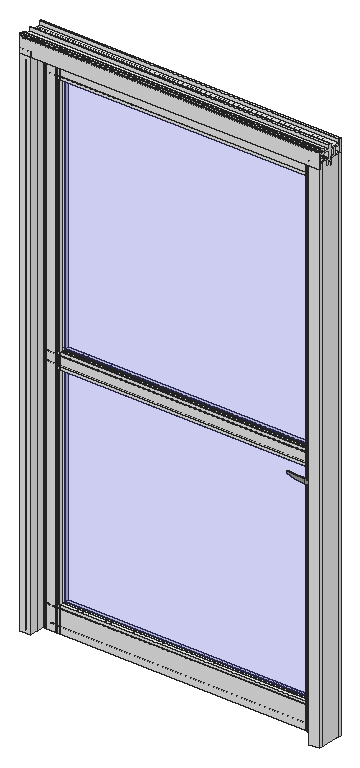
Revit family "Door-Systems_Health-Care_TX9650SR_Single-Right-Hand-Outswing-SORH-Smoke-Rated_Tormax", category Doors, host Wall, Revit 2026
Family settings
  Host = Wall
  Classification Number = 23.30.10.00
  Always vertical = Yes
  Cut with Voids When Loaded = No
  Shared = No
  Room Calculation Point = No
Parameters
  URL = "https://www.tormaxusa.com/en/90/tx9650/"
  Thickness = 0' - 1.75092"
  Specification = "https://www.arcat.com/company/tormax-usa-inc-43969/spec"
  Rough Width = Width + (Thickness * 2)  # 4' - 3.50184"
  Rough Height = Height + 0' 2 3/16"  # 7' - 8 3/16"
  Product Page URL = "https://www.arcat.com/arcatcos/cos43/arc43969.html"
  Model = "TX9650SR"
  Manufacturer = "TORMAX USA Inc."
  Keynote = "08 42 43"
  Handle Height = 3' - 6"
  Handle = Stainless Steel
  Glass = Glass
  Function = Interior
  Frame Projection Ext. = 0' - 1"
  Frame Projection Int. = 0' - 1"
  Frame Width = 0' - 3"
  Height = 7' - 6"
  Wall Closure = By host
  Width = 4' - 0"
  Door Width = 3' - 6"
  Door Frame = Alluminum
  Description = "Tormax Health Care Door System (HCD) - TX9650R Manual Single Outswing Door Operator - Package as Specified"
  Define Thermal Properties by = Schematic Type
  Copyright = "©Arcat Inc."
  CAD Details = "https://www.arcat.com/company/tormax-usa-inc-43969/cad"
  Analytic Construction = "<None>"
Reference planes (in)
  plane 1 "Center (Front/Back)": y = 0
  plane 2 "Center (Left/Right)": x = 0
  plane 3 "Left": x = -24
  plane 4 "Right": x = 24
  plane 5 "Top": z = 90
  plane 6 "Exterior": y = 3
  plane 7 "Interior": y = -3
  plane 8: x = 25.75092
  plane 9: x = -25.75092
  plane 10: z = 92.1875
Forms (in)
  Sweep 1, solid, material "Alluminum" <- "Door Frame"
    path origin (0, 3, 0) x (1, 0, 0) y (0, 0, 1)
      loop
        line (-25.75092, 90) -> (25.75092, 90)
    profile "Head Profile : Head Profile" origin (0, 3, 90) x (0, 0, 1) y (0, -1, 0)
      loop
        line (2.07087, 0.00447) -> (2.07087, 0.07016) -> (2.12147, 0.07016) -> (2.12147, 0.11542) -> (0.13049, 0.11542) -> (0.13049, 1.28332) -> (1.28703, 1.28332) -> (1.28703, 1.96647) -> (1.16941, 1.96647) -> (1.16941, 1.40933) -> (0.13049, 1.40933) -> (0.13049, 2.11742) -> (-0.34046, 2.11742) -> (-0.34046, 2.54333) -> (-0.44964, 2.54333) -> (-0.44964, 2.12523) -> (-1.05347, 2.12523) -> (-1.05347, 2.00594) -> (-0.86973, 2.00594) -> (-0.86973, 2.08776) -> (-0.73733, 2.08776) -> (-0.73733, 2.00594) -> (0.0037, 2.00594) -> (0.0037, 0.00447) -> (2.07087, 0.00447)
      loop
        line (1.89903, 4.5) -> (-0.80074, 4.5) -> (-0.80074, 4.39128) -> (1.71219, 4.39128) -> (1.71219, 4.26217) -> (1.6199, 4.26217)
        arc (1.6199, 4.26217) -> (1.58463, 4.166) -> (1.68682, 4.17308) r 0.06103
        line (1.68682, 4.17308) -> (1.81028, 4.17308)
        arc (1.81028, 4.17308) -> (1.83465, 4.17856) -> (1.85254, 4.19598) r 0.04595
        line (1.85254, 4.19598) -> (1.8994, 4.27716) -> (2.00592, 4.27716) -> (2.00592, 4.41638) -> (1.89903, 4.41638) -> (1.89903, 4.5)
      loop
        line (2.19145, 0) -> (2.19145, 0.25029) -> (1.55712, 0.25029) -> (1.55712, 2.13246) -> (2.18204, 2.13246) -> (2.18204, 2.38356) -> (1.5572, 2.38356) -> (1.5572, 3.50069) -> (1.67788, 3.50069)
        arc (1.67788, 3.50069) -> (2.0468, 3.66107) -> (2.18116, 4.04025) r 0.50449
        line (2.18116, 4.04025) -> (2.18116, 4.2426) -> (2.19145, 4.28099) -> (2.19145, 4.5) -> (1.97839, 4.5) -> (1.97839, 4.46002) -> (2.02062, 4.44841)
        arc (2.02062, 4.44841) -> (2.07942, 4.19256) -> (2.00844, 3.93981) r 0.53091
        line (2.00844, 3.93981) -> (1.89924, 3.75067) -> (1.82248, 3.75067) -> (1.82248, 3.62583) -> (1.55713, 3.62583) -> (1.55713, 4.28268) -> (1.68102, 4.28268) -> (1.68102, 4.34393) -> (1.43147, 4.34393) -> (1.43147, 4.27462) -> (1.30542, 4.27462) -> (1.30542, 4.3746) -> (1.20564, 4.3746) -> (1.20564, 4.17408) -> (1.43147, 4.17408) -> (1.43147, 3.98165) -> (1.27929, 3.98165)
        arc (1.27929, 3.98165) -> (1.22683, 3.95993) -> (1.2051, 3.90747) r 0.07419
        line (1.2051, 3.90747) -> (1.2051, 3.86824) -> (1.24439, 3.84646)
        arc (1.24439, 3.84646) -> (1.41333, 3.80996) -> (1.24376, 3.7765) r 0.08825
        line (1.24376, 3.7765) -> (1.2051, 3.75507) -> (1.2051, 3.71789)
        arc (1.2051, 3.71789) -> (1.22763, 3.66349) -> (1.28202, 3.64096) r 0.07693
        line (1.28202, 3.64096) -> (1.43147, 3.64096) -> (1.43147, 3.03399) -> (1.31918, 3.03399) -> (1.31918, 2.51003) -> (1.03004, 2.51003) -> (1.03004, 2.38356) -> (0.18057, 2.38356) -> (0.18057, 2.48354) -> (0.00134, 2.48354)
        arc (0.00134, 2.48354) -> (-0.16752, 2.6524) -> (0.00134, 2.82126) r 0.16886
        line (0.00134, 2.82126) -> (0.15149, 2.82126) -> (0.15149, 2.93181) -> (-0.14841, 2.93181) -> (-0.14841, 2.88514) -> (-0.80197, 2.88514) -> (-0.80197, 2.75986) -> (-0.32375, 2.75986) -> (-0.32375, 2.13656) -> (1.30744, 2.13656) -> (1.30744, 1.46675) -> (1.43178, 1.46675) -> (1.43178, 0.86509) -> (1.2796, 0.86509)
        arc (1.2796, 0.86509) -> (1.22714, 0.84336) -> (1.20541, 0.7909) r 0.07419
        line (1.20541, 0.7909) -> (1.20541, 0.75167) -> (1.2447, 0.72989)
        arc (1.2447, 0.72989) -> (1.41364, 0.69339) -> (1.24407, 0.65993) r 0.08825
        line (1.24407, 0.65993) -> (1.20541, 0.6385) -> (1.20541, 0.60132)
        arc (1.20541, 0.60132) -> (1.22794, 0.54693) -> (1.28234, 0.5244) r 0.07693
        line (1.28234, 0.5244) -> (1.43178, 0.5244) -> (1.43178, 0.12541) -> (2.13267, 0.12541) -> (2.13267, 0.05811) -> (2.08123, 0.05811) -> (2.08123, 0) -> (2.19145, 0)
  Sweep 2, solid, material "Alluminum" <- "Door Frame"
    path origin (0, 3, 0) x (1, 0, 0) y (0, 0, 1)
      loop
        line (24, 90) -> (24, 0)
    profile "Fram Profile : Fram Profile" origin (24, 3, 45) x (1, 0, 0) y (0, -1, 0)
      loop
        line (0, 2.97205) -> (0, 1.52795) -> (0.05846, 1.52795) -> (0.05846, 1.67877) -> (0.32461, 1.67877) -> (0.32461, 1.74273) -> (0.05846, 1.74273) -> (0.05846, 2.75727) -> (0.32461, 2.75727) -> (0.32461, 2.82123) -> (0.05846, 2.82123) -> (0.05846, 2.97205) -> (0, 2.97205)
      loop
        line (0, 4.5) -> (0, 3.10868) -> (0.25934, 3.10868) -> (0.25934, 2.97205) -> (0.09257, 2.97205) -> (0.09257, 2.90809) -> (0.32461, 2.90809) -> (0.32461, 3.00647) -> (0.86871, 3.00647)
        arc (0.86871, 3.00647) -> (0.94015, 2.97688) -> (0.96975, 2.90544) r 0.10104
        line (0.96975, 2.90544) -> (0.96975, 1.5892)
        arc (0.96975, 1.5892) -> (0.94112, 1.52008) -> (0.872, 1.49145) r 0.09775
        line (0.872, 1.49145) -> (0.32461, 1.49145) -> (0.32461, 1.58409) -> (0.09452, 1.58409) -> (0.09452, 1.52795) -> (0.25934, 1.52795) -> (0.25934, 1.39095) -> (0, 1.39095) -> (0, 0) -> (1.75092, 0) -> (1.75092, 0.44266) -> (1.6377, 0.44266) -> (1.6377, 0.54286)
        arc (1.6377, 0.54286) -> (1.59955, 0.55152) -> (1.56354, 0.53623) r 0.06366
        line (1.56354, 0.53623) -> (1.56354, 0.43192)
        arc (1.56354, 0.43192) -> (1.58102, 0.38055) -> (1.6262, 0.35049) r 0.08425
        line (1.6262, 0.35049) -> (1.6262, 0.12617) -> (0.12648, 0.12617) -> (0.12648, 1.23875)
        arc (0.12648, 1.23875) -> (0.26056, 1.27088) -> (0.35983, 1.36656) r 0.2623
        line (0.35983, 1.36656) -> (0.87958, 1.36656)
        arc (0.87958, 1.36656) -> (1.0318, 1.42961) -> (1.09485, 1.58183) r 0.21527
        line (1.09485, 1.58183) -> (1.09485, 2.91261)
        arc (1.09485, 2.91261) -> (1.03078, 3.06729) -> (0.87611, 3.13136) r 0.21875
        line (0.87611, 3.13136) -> (0.36106, 3.13136)
        arc (0.36106, 3.13136) -> (0.26162, 3.22854) -> (0.12648, 3.26125) r 0.2623
        line (0.12648, 3.26125) -> (0.12648, 4.37383) -> (1.6262, 4.37383) -> (1.6262, 4.14951)
        arc (1.6262, 4.14951) -> (1.58102, 4.11945) -> (1.56354, 4.06808) r 0.08425
        line (1.56354, 4.06808) -> (1.56354, 3.95596)
        arc (1.56354, 3.95596) -> (1.59955, 3.94067) -> (1.6377, 3.94933) r 0.06366
        line (1.6377, 3.94933) -> (1.6377, 4.06515) -> (1.75092, 4.06515) -> (1.75092, 4.5) -> (0, 4.5)
      loop
        line (1.75092, 4.02192) -> (1.67858, 4.02192) -> (1.67858, 3.85504) -> (1.5616, 3.85504) -> (1.5616, 3.9107) -> (1.37397, 3.84241)
        arc (1.37397, 3.84241) -> (1.35263, 3.79664) -> (1.3984, 3.77529) r 0.03571
        line (1.3984, 3.77529) -> (1.52925, 3.82291) -> (1.54815, 3.78738) -> (1.67858, 3.78738) -> (1.67858, 1.69582) -> (1.19678, 1.69582) -> (1.19678, 1.61181) -> (1.67858, 1.61181) -> (1.67858, 0.71262) -> (1.54815, 0.71262) -> (1.52925, 0.67709) -> (1.3984, 0.72471)
        arc (1.3984, 0.72471) -> (1.35263, 0.70336) -> (1.37397, 0.65759) r 0.03571
        line (1.37397, 0.65759) -> (1.5616, 0.5893) -> (1.5616, 0.64496) -> (1.67858, 0.64496) -> (1.67858, 0.48435) -> (1.75092, 0.48435) -> (1.75092, 4.02192)
  Sweep 3, solid, material "Alluminum" <- "Door Frame"
    path origin (0, 3, 0) x (1, 0, 0) y (0, 0, 1)
      loop
        line (-24, 90) -> (-24, 0)
    profile "Fram Profile : Fram Profile" origin (-24, 3, 45) x (1, 0, 0) y (0, -1, 0)
      loop
        line (0, 1.52795) -> (0, 2.97205) -> (-0.05846, 2.97205) -> (-0.05846, 2.82123) -> (-0.32461, 2.82123) -> (-0.32461, 2.75727) -> (-0.05846, 2.75727) -> (-0.05846, 1.74273) -> (-0.32461, 1.74273) -> (-0.32461, 1.67877) -> (-0.05846, 1.67877) -> (-0.05846, 1.52795) -> (0, 1.52795)
      loop
        line (0, 0) -> (0, 1.39132) -> (-0.25934, 1.39132) -> (-0.25934, 1.52795) -> (-0.09257, 1.52795) -> (-0.09257, 1.59191) -> (-0.32461, 1.59191) -> (-0.32461, 1.49353) -> (-0.86871, 1.49353)
        arc (-0.86871, 1.49353) -> (-0.94015, 1.52312) -> (-0.96975, 1.59456) r 0.10104
        line (-0.96975, 1.59456) -> (-0.96975, 2.9108)
        arc (-0.96975, 2.9108) -> (-0.94112, 2.97992) -> (-0.872, 3.00855) r 0.09775
        line (-0.872, 3.00855) -> (-0.32461, 3.00855) -> (-0.32461, 2.91591) -> (-0.09452, 2.91591) -> (-0.09452, 2.97205) -> (-0.25934, 2.97205) -> (-0.25934, 3.10905) -> (0, 3.10905) -> (0, 4.5) -> (-1.75092, 4.5) -> (-1.75092, 4.05734) -> (-1.6377, 4.05734) -> (-1.6377, 3.95714)
        arc (-1.6377, 3.95714) -> (-1.59955, 3.94848) -> (-1.56354, 3.96377) r 0.06366
        line (-1.56354, 3.96377) -> (-1.56354, 4.06808)
        arc (-1.56354, 4.06808) -> (-1.58102, 4.11945) -> (-1.6262, 4.14951) r 0.08425
        line (-1.6262, 4.14951) -> (-1.6262, 4.37383) -> (-0.12648, 4.37383) -> (-0.12648, 3.26125)
        arc (-0.12648, 3.26125) -> (-0.26056, 3.22912) -> (-0.35983, 3.13344) r 0.2623
        line (-0.35983, 3.13344) -> (-0.87958, 3.13344)
        arc (-0.87958, 3.13344) -> (-1.0318, 3.07039) -> (-1.09485, 2.91817) r 0.21527
        line (-1.09485, 2.91817) -> (-1.09485, 1.58739)
        arc (-1.09485, 1.58739) -> (-1.03078, 1.43271) -> (-0.87611, 1.36864) r 0.21875
        line (-0.87611, 1.36864) -> (-0.36106, 1.36864)
        arc (-0.36106, 1.36864) -> (-0.26162, 1.27146) -> (-0.12648, 1.23875) r 0.2623
        line (-0.12648, 1.23875) -> (-0.12648, 0.12617) -> (-1.6262, 0.12617) -> (-1.6262, 0.35049)
        arc (-1.6262, 0.35049) -> (-1.58102, 0.38055) -> (-1.56354, 0.43192) r 0.08425
        line (-1.56354, 0.43192) -> (-1.56354, 0.54404)
        arc (-1.56354, 0.54404) -> (-1.59955, 0.55933) -> (-1.6377, 0.55067) r 0.06366
        line (-1.6377, 0.55067) -> (-1.6377, 0.43485) -> (-1.75092, 0.43485) -> (-1.75092, 0) -> (0, 0)
      loop
        line (-1.75092, 0.47808) -> (-1.67858, 0.47808) -> (-1.67858, 0.64496) -> (-1.5616, 0.64496) -> (-1.5616, 0.5893) -> (-1.37397, 0.65759)
        arc (-1.37397, 0.65759) -> (-1.35263, 0.70336) -> (-1.3984, 0.72471) r 0.03571
        line (-1.3984, 0.72471) -> (-1.52925, 0.67709) -> (-1.54815, 0.71262) -> (-1.67858, 0.71262) -> (-1.67858, 2.80418) -> (-1.19678, 2.80418) -> (-1.19678, 2.88819) -> (-1.67858, 2.88819) -> (-1.67858, 3.78738) -> (-1.54815, 3.78738) -> (-1.52925, 3.82291) -> (-1.3984, 3.77529)
        arc (-1.3984, 3.77529) -> (-1.35263, 3.79664) -> (-1.37397, 3.84241) r 0.03571
        line (-1.37397, 3.84241) -> (-1.5616, 3.9107) -> (-1.5616, 3.85504) -> (-1.67858, 3.85504) -> (-1.67858, 4.01565) -> (-1.75092, 4.01565) -> (-1.75092, 0.47808)
Lines and regions (in)
  Opening 1
    outline origin (-90, -3, 0) x (1, 0, 0) y (0, 0, 1)
      loop
        line (63.99908, 0) -> (116.00092, 0) -> (116.00092, 92.4375) -> (63.99908, 92.4375) -> (63.99908, 0)
  symbolic lines, style "Elevation Swing"
    curve 1: line (24, 3, 0) -> (-24, 3, 45)
    curve 2: line (-24, 3, 45) -> (24, 3, 90)
Text (in)
  text "Exterior" at (-74.96733, 27.31104, 0), in view "Ref. Level"
  text "Interior" at (-74.96733, -25.14366, 0), in view "Ref. Level"
  text "Exterior" at (0, 40.15149, 123.01588), in view "Right"
  text "Interior" at (0, -64.39139, 123.01588), in view "Right"
  text "Interior" at (0, -31.01599, 123.00693), in view "Left"
  text "Exterior" at (0, 54.57065, 123.00693), in view "Left"
Dimensions and locks (in)
  equal spacing: plane 3 "Left", plane 2 "Center (Left/Right)", plane 4 "Right"
  "Height": level to plane 5 "Top"
  "Width": plane 3 "Left" to plane 4 "Right"
  "Thickness": plane 8 to plane 4 "Right"
  "Thickness": plane 9 to plane 3 "Left"
  equal spacing: host wall, curve 2, plane 5 "Top"
  locked: plane 5 "Top" to plane 10 at 2.1875
  locked: plane 8 to Opening 1 sketch curve at 0.25
  locked: Opening 1 sketch curve to plane 9 at 0.25
  locked: plane 10 to Opening 1 sketch curve at 0.25
  aligned and locked: Opening 1 sketch curve to level
  aligned and locked: plane 6 "Exterior" to host wall
  aligned and locked: plane 7 "Interior" to host wall
  aligned and locked: plane 5 "Top" to Sweep 1 sketch curve
  aligned and locked: plane 4 "Right" to Sweep 2 sketch curve
  aligned and locked: plane 5 "Top" to Sweep 2 sketch curve
  aligned and locked: level to Sweep 2 sketch curve
  aligned and locked: plane 5 "Top" to Sweep 3 sketch curve
  aligned and locked: level to Sweep 3 sketch curve
  aligned and locked: plane 8 to Sweep 1 sketch curve
  aligned and locked: plane 9 to Sweep 1 sketch curve
  aligned and locked: plane 5 "Top" to curve 2
  aligned and locked: plane 4 "Right" to nested 1
  aligned and locked: plane 6 "Exterior" to nested 2
  aligned and locked: nested 1 to plane 6 "Exterior"
Automatic sketch dimensions
  plane 4 "Right" to curve 2 = 0' - 0"
  curve 1 to level = 0' - 0"
  plane 4 "Right" to curve 1 = 0' - 0"
  plane 3 "Left" to curve 2 = 0' - 0"
  plane 3 "Left" to Sweep 3 sketch curve = 0' - 0"
Nested families (in)
  nested 1: "Tormax-Door_Swing-Plan" at (0, 3, 0) x (-1, 0, 0) z (0, 0, 1), Door Panel Width <- "Width", type "Tormax-Door_Swing-Plan"
    with breakoutswing yes, Door Panel Width 4' - 0", Door Panel Thickness 0' - 1 3/4", Breakout Angle 135.00°
  nested 2: "Door-1" at (0, 2.09301, 0) x (-1, 0, 0) z (0, 0, 1), type "Door-1"
    with Width 4' - 0", Height 7' - 6", Handle Height 3' - 6"
Definition of nested family "Door-1"
  Parameters (values of type "Door-1")
    Width = 3' - 6"
    Height = 8' - 0"
    Handle Height = 4' - 0"
    Handle = none
    Glass = none
    Door Frame = none
    Define Thermal Properties by = 1
    Default Elevation = 0' - 0"
  Reference planes (in)
    plane 1 "Center (Front/Back)": y = 0
    plane 2: z = 0
    plane 3 "Center (Left/Right)": x = 0
    plane 4: x = -21
    plane 5: x = 21
    plane 6: z = 96
    plane 7: z = 48
    plane 8: y = 0.06557
    plane 9: y = -0.06557
    plane 10: x = -19.65625
    plane 11: y = -0.90699
    plane 12: y = 0.90699
  Forms (in)
    Sweep 1, solid, material <- "Door Frame"
      path origin (0, 0, 0) x (1, 0, 0) y (0, 0, 1)
        loop
          line (-20.64876, 0) -> (20.65649, 0)
      profile "Door Fram Profile : Door Fram Profile" origin (0.00387, 0, 0) x (0, 0, 1) y (0, -1, 0)
        loop
          line (4.41471, -0.33919) -> (4.41471, -0.29367) -> (4.36245, -0.29367) -> (4.36245, -0.19109) -> (4.54427, -0.19109) -> (4.59558, -0.09459) -> (4.57047, -0.06948) -> (4.51849, -0.12146) -> (4.3093, -0.12146) -> (4.3093, -0.29367) -> (4.25415, -0.29367) -> (4.25415, -0.33919) -> (4.41471, -0.33919)
        loop
          line (4.41471, 0.33919) -> (4.25415, 0.33919) -> (4.25415, 0.29367) -> (4.3093, 0.29367) -> (4.3093, 0.12146) -> (4.51849, 0.12146) -> (4.57047, 0.06948) -> (4.59558, 0.09459) -> (4.54427, 0.19109) -> (4.36245, 0.19109) -> (4.36245, 0.29367) -> (4.41471, 0.29367) -> (4.41471, 0.33919)
        loop
          line (4.01556, -0.87557) -> (4.49959, -0.87557) -> (4.49959, -0.22518) -> (4.40799, -0.22518) -> (4.40799, -0.26587) -> (4.44525, -0.26587) -> (4.44525, -0.36935) -> (4.23455, -0.36935) -> (4.23455, -0.24243) -> (4.27523, -0.24243) -> (4.27523, -0.20174) -> (4.05907, -0.20174) -> (4.05907, -0.24243) -> (4.19511, -0.24243) -> (4.19511, -0.41894) -> (4.44993, -0.41894) -> (4.44993, -0.8251) -> (4.11541, -0.8251) -> (4.11541, -0.74154) -> (4.05724, -0.74154) -> (4.05724, -0.67346) -> (4.01556, -0.67346) -> (4.01556, -0.87557)
        loop
          line (4.02398, 0.87557) -> (4.02398, 0.72447) -> (3.88809, 0.72447) -> (3.88809, 0.66019) -> (4.08412, 0.66019) -> (4.08412, 0.8251) -> (4.44993, 0.8251) -> (4.44993, 0.41894) -> (4.18554, 0.41894) -> (4.18554, 0.26011) -> (3.97508, 0.26011) -> (3.97508, 0.1901) -> (3.88809, 0.1901) -> (3.88809, 0.13997) -> (3.98741, 0.13997) -> (3.98741, -0.13216) -> (3.88809, -0.13216) -> (3.88809, -0.18229) -> (3.98741, -0.18229) -> (3.98741, -0.3261) -> (4.07974, -0.3261) -> (4.07974, -0.49104) -> (3.95546, -0.61533) -> (3.86626, -0.61533) -> (3.86626, -0.7053)
          arc (3.86626, -0.7053) -> (3.88882, -0.72786) -> (3.91138, -0.7053) r 0.02256
          line (3.91138, -0.7053) -> (3.91138, -0.66662) -> (3.98459, -0.66662) -> (4.12991, -0.5213) -> (4.12991, -0.26303) -> (4.03808, -0.26303) -> (4.03808, -0.18229) -> (4.12503, -0.18229) -> (4.12503, -0.13216) -> (4.0285, -0.13216) -> (4.0285, 0.13997) -> (4.12503, 0.13997) -> (4.12503, 0.21022) -> (4.27812, 0.21022) -> (4.27812, 0.26011) -> (4.23544, 0.26011) -> (4.23544, 0.36935) -> (4.44505, 0.36935) -> (4.44505, 0.26011) -> (4.41012, 0.26011) -> (4.41012, 0.21022) -> (4.49989, 0.21022) -> (4.49989, 0.87557) -> (4.02398, 0.87557)
        loop
          line (1.687, 0.71921) -> (1.687, -0.71921) -> (1.919, -0.71921) -> (1.919, -0.75004) -> (2.40505, -0.75004) -> (2.40505, -0.7192) -> (2.63746, -0.7192) -> (2.63746, -0.59396) -> (2.76949, -0.59396) -> (2.76949, -0.7192) -> (3.03458, -0.7192) -> (3.03458, -0.75004) -> (3.45054, -0.75004) -> (3.45054, -0.71192) -> (3.68724, -0.71192) -> (3.68724, 0.71192) -> (3.45054, 0.71192) -> (3.45054, 0.75004) -> (3.03458, 0.75004) -> (3.03458, 0.7192) -> (2.76949, 0.7192) -> (2.76949, 0.59396) -> (2.63746, 0.59396) -> (2.63746, 0.7192) -> (2.40505, 0.7192) -> (2.40505, 0.75004) -> (1.919, 0.75004) -> (1.919, 0.71921) -> (1.687, 0.71921)
        loop
          line (3.96671, 0.87557) -> (0.03125, 0.87557) -> (0.03125, 0.75004) -> (0.7701, 0.75004) -> (0.7701, 0.52564) -> (0.24797, 0.52564)
          arc (0.24797, 0.52564) -> (0.19813, 0.4758) -> (0.24797, 0.42596) r 0.04984
          line (0.24797, 0.42596) -> (0.90849, 0.42596) -> (1.09559, 0.75004) -> (1.56165, 0.75004) -> (1.56165, -0.75004) -> (0.03125, -0.75004) -> (0.03125, -0.87557) -> (3.96671, -0.87557) -> (3.96671, -0.76566) -> (3.81135, -0.76566) -> (3.81135, 0.76566) -> (3.96671, 0.76566) -> (3.96671, 0.87557)
    Sweep 2, solid, material <- "Door Frame"
      path origin (0, 0, 0) x (1, 0, 0) y (0, 0, 1)
        loop
          line (-20.64876, 96) -> (20.65876, 96)
      profile "Door Fram Profile : Door Fram Profile" origin (0.005, 0, 96) x (0, 0, 1) y (0, -1, 0)
        loop
          line (-4.41471, 0.33919) -> (-4.41471, 0.29367) -> (-4.36245, 0.29367) -> (-4.36245, 0.19109) -> (-4.54427, 0.19109) -> (-4.59558, 0.09459) -> (-4.57047, 0.06948) -> (-4.51849, 0.12146) -> (-4.3093, 0.12146) -> (-4.3093, 0.29367) -> (-4.25415, 0.29367) -> (-4.25415, 0.33919) -> (-4.41471, 0.33919)
        loop
          line (-4.41471, -0.33919) -> (-4.25415, -0.33919) -> (-4.25415, -0.29367) -> (-4.3093, -0.29367) -> (-4.3093, -0.12146) -> (-4.51849, -0.12146) -> (-4.57047, -0.06948) -> (-4.59558, -0.09459) -> (-4.54427, -0.19109) -> (-4.36245, -0.19109) -> (-4.36245, -0.29367) -> (-4.41471, -0.29367) -> (-4.41471, -0.33919)
        loop
          line (-4.01556, 0.87557) -> (-4.49959, 0.87557) -> (-4.49959, 0.22518) -> (-4.40799, 0.22518) -> (-4.40799, 0.26587) -> (-4.44525, 0.26587) -> (-4.44525, 0.36935) -> (-4.23455, 0.36935) -> (-4.23455, 0.24243) -> (-4.27523, 0.24243) -> (-4.27523, 0.20174) -> (-4.05907, 0.20174) -> (-4.05907, 0.24243) -> (-4.19511, 0.24243) -> (-4.19511, 0.41894) -> (-4.44993, 0.41894) -> (-4.44993, 0.8251) -> (-4.11541, 0.8251) -> (-4.11541, 0.74154) -> (-4.05724, 0.74154) -> (-4.05724, 0.67346) -> (-4.01556, 0.67346) -> (-4.01556, 0.87557)
        loop
          line (-4.02398, -0.87557) -> (-4.02398, -0.72447) -> (-3.88809, -0.72447) -> (-3.88809, -0.66019) -> (-4.08412, -0.66019) -> (-4.08412, -0.8251) -> (-4.44993, -0.8251) -> (-4.44993, -0.41894) -> (-4.18554, -0.41894) -> (-4.18554, -0.26011) -> (-3.97508, -0.26011) -> (-3.97508, -0.1901) -> (-3.88809, -0.1901) -> (-3.88809, -0.13997) -> (-3.98741, -0.13997) -> (-3.98741, 0.13216) -> (-3.88809, 0.13216) -> (-3.88809, 0.18229) -> (-3.98741, 0.18229) -> (-3.98741, 0.3261) -> (-4.07974, 0.3261) -> (-4.07974, 0.49104) -> (-3.95546, 0.61533) -> (-3.86626, 0.61533) -> (-3.86626, 0.7053)
          arc (-3.86626, 0.7053) -> (-3.88882, 0.72786) -> (-3.91138, 0.7053) r 0.02256
          line (-3.91138, 0.7053) -> (-3.91138, 0.66662) -> (-3.98459, 0.66662) -> (-4.12991, 0.5213) -> (-4.12991, 0.26303) -> (-4.03808, 0.26303) -> (-4.03808, 0.18229) -> (-4.12503, 0.18229) -> (-4.12503, 0.13216) -> (-4.0285, 0.13216) -> (-4.0285, -0.13997) -> (-4.12503, -0.13997) -> (-4.12503, -0.21022) -> (-4.27812, -0.21022) -> (-4.27812, -0.26011) -> (-4.23544, -0.26011) -> (-4.23544, -0.36935) -> (-4.44505, -0.36935) -> (-4.44505, -0.26011) -> (-4.41012, -0.26011) -> (-4.41012, -0.21022) -> (-4.49989, -0.21022) -> (-4.49989, -0.87557) -> (-4.02398, -0.87557)
        loop
          line (-1.687, -0.71921) -> (-1.687, 0.71921) -> (-1.919, 0.71921) -> (-1.919, 0.75004) -> (-2.40505, 0.75004) -> (-2.40505, 0.7192) -> (-2.63746, 0.7192) -> (-2.63746, 0.59396) -> (-2.76949, 0.59396) -> (-2.76949, 0.7192) -> (-3.03458, 0.7192) -> (-3.03458, 0.75004) -> (-3.45054, 0.75004) -> (-3.45054, 0.71192) -> (-3.68724, 0.71192) -> (-3.68724, -0.71192) -> (-3.45054, -0.71192) -> (-3.45054, -0.75004) -> (-3.03458, -0.75004) -> (-3.03458, -0.7192) -> (-2.76949, -0.7192) -> (-2.76949, -0.59396) -> (-2.63746, -0.59396) -> (-2.63746, -0.7192) -> (-2.40505, -0.7192) -> (-2.40505, -0.75004) -> (-1.919, -0.75004) -> (-1.919, -0.71921) -> (-1.687, -0.71921)
        loop
          line (-3.96671, -0.87557) -> (-0.03125, -0.87557) -> (-0.03125, -0.75004) -> (-0.7701, -0.75004) -> (-0.7701, -0.52564) -> (-0.24797, -0.52564)
          arc (-0.24797, -0.52564) -> (-0.19813, -0.4758) -> (-0.24797, -0.42596) r 0.04984
          line (-0.24797, -0.42596) -> (-0.90849, -0.42596) -> (-1.09559, -0.75004) -> (-1.56165, -0.75004) -> (-1.56165, 0.75004) -> (-0.03125, 0.75004) -> (-0.03125, 0.87557) -> (-3.96671, 0.87557) -> (-3.96671, 0.76566) -> (-3.81135, 0.76566) -> (-3.81135, -0.76566) -> (-3.96671, -0.76566) -> (-3.96671, -0.87557)
    Sweep 3, solid, material <- "Door Frame"
      path origin (0, 0, 0) x (1, 0, 0) y (0, 0, 1)
        loop
          line (-20.64876, 48) -> (20.65876, 48)
      profile "Door Fram Central  Profile : Door Fram Central  Profile" origin (0.005, 0, 48) x (0, 0, 1) y (0, -1, 0)
        loop
          line (0.64051, 0.51895) -> (0.42826, 0.51895) -> (0.42826, 0.72056) -> (0.1755, 0.72056) -> (0.1755, 0.76165) -> (-0.26534, 0.76165) -> (-0.26534, 0.72056) -> (-0.52214, 0.72056) -> (-0.52214, -0.72056) -> (-0.26534, -0.72056) -> (-0.26534, -0.76165) -> (0.1755, -0.76165) -> (0.1755, -0.72056) -> (0.42826, -0.72056) -> (0.42826, -0.51895) -> (0.64051, -0.51895) -> (0.64051, 0.51895)
        loop
          line (0.92183, 0.87166) -> (-0.78121, 0.87166) -> (-0.78121, 0.76165) -> (-0.64733, 0.76165) -> (-0.64733, -0.76165) -> (-0.78121, -0.76165) -> (-0.78121, -0.87166) -> (0.92183, -0.87166) -> (0.92183, -0.76165) -> (0.7909, -0.76165) -> (0.7909, 0.76165) -> (0.92183, 0.76165) -> (0.92183, 0.87166)
        loop
          line (-1.22085, -0.3431) -> (-1.06028, -0.3431) -> (-1.06028, -0.29757) -> (-1.11543, -0.29757) -> (-1.11543, -0.12536) -> (-1.32462, -0.12536) -> (-1.37661, -0.07338) -> (-1.40171, -0.09849) -> (-1.3504, -0.195) -> (-1.16859, -0.195) -> (-1.16859, -0.29757) -> (-1.22085, -0.29757) -> (-1.22085, -0.3431)
        loop
          line (-1.22085, 0.33529) -> (-1.22085, 0.28976) -> (-1.16859, 0.28976) -> (-1.16859, 0.18718) -> (-1.3504, 0.18718) -> (-1.40171, 0.09068) -> (-1.37661, 0.06557) -> (-1.32462, 0.11755) -> (-1.11543, 0.11755) -> (-1.11543, 0.28976) -> (-1.06028, 0.28976) -> (-1.06028, 0.33529) -> (-1.22085, 0.33529)
        loop
          line (-0.82169, -0.87948) -> (-0.82169, -0.67736) -> (-0.86337, -0.67736) -> (-0.86337, -0.74544) -> (-0.92154, -0.74544) -> (-0.92154, -0.82901) -> (-1.25606, -0.82901) -> (-1.25606, -0.42284) -> (-1.00124, -0.42284) -> (-1.00124, -0.24634) -> (-0.8652, -0.24634) -> (-0.8652, -0.20564) -> (-1.08136, -0.20564) -> (-1.08136, -0.24634) -> (-1.04068, -0.24634) -> (-1.04068, -0.37326) -> (-1.25138, -0.37326) -> (-1.25138, -0.26978) -> (-1.21412, -0.26978) -> (-1.21412, -0.22908) -> (-1.30572, -0.22908) -> (-1.30572, -0.87948) -> (-0.82169, -0.87948)
        loop
          line (-0.83011, 0.87166) -> (-1.30603, 0.87166) -> (-1.30603, 0.20631) -> (-1.21625, 0.20631) -> (-1.21625, 0.2562) -> (-1.25118, 0.2562) -> (-1.25118, 0.36545) -> (-1.04157, 0.36545) -> (-1.04157, 0.2562) -> (-1.08425, 0.2562) -> (-1.08425, 0.20631) -> (-0.93116, 0.20631) -> (-0.93116, 0.13607) -> (-0.83464, 0.13607) -> (-0.83464, -0.13607) -> (-0.93116, -0.13607) -> (-0.93116, -0.18619) -> (-0.84421, -0.18619) -> (-0.84421, -0.26694) -> (-0.93604, -0.26694) -> (-0.93604, -0.52521) -> (-0.79072, -0.67053) -> (-0.71751, -0.67053) -> (-0.71751, -0.70921)
          arc (-0.71751, -0.70921) -> (-0.69495, -0.73177) -> (-0.6724, -0.70921) r 0.02256
          line (-0.6724, -0.70921) -> (-0.6724, -0.61923) -> (-0.76159, -0.61923) -> (-0.88587, -0.49495) -> (-0.88587, -0.33001) -> (-0.79354, -0.33001) -> (-0.79354, -0.18619) -> (-0.69423, -0.18619) -> (-0.69423, -0.13607) -> (-0.79354, -0.13607) -> (-0.79354, 0.13607) -> (-0.69423, 0.13607) -> (-0.69423, 0.18619) -> (-0.78121, 0.18619) -> (-0.78121, 0.2562) -> (-0.99167, 0.2562) -> (-0.99167, 0.41503) -> (-1.25606, 0.41503) -> (-1.25606, 0.8212) -> (-0.89025, 0.8212) -> (-0.89025, 0.65629) -> (-0.69423, 0.65629) -> (-0.69423, 0.72056) -> (-0.83011, 0.72056) -> (-0.83011, 0.87166)
        loop
          line (1.36147, -0.3431) -> (1.36147, -0.29757) -> (1.30921, -0.29757) -> (1.30921, -0.195) -> (1.49103, -0.195) -> (1.54234, -0.09849) -> (1.51723, -0.07338) -> (1.46525, -0.12536) -> (1.25606, -0.12536) -> (1.25606, -0.29757) -> (1.2009, -0.29757) -> (1.2009, -0.3431) -> (1.36147, -0.3431)
        loop
          line (1.36147, 0.33529) -> (1.2009, 0.33529) -> (1.2009, 0.28976) -> (1.25606, 0.28976) -> (1.25606, 0.11755) -> (1.46525, 0.11755) -> (1.51723, 0.06557) -> (1.54234, 0.09068) -> (1.49103, 0.18718) -> (1.30921, 0.18718) -> (1.30921, 0.28976) -> (1.36147, 0.28976) -> (1.36147, 0.33529)
        loop
          line (0.96232, -0.87948) -> (1.44635, -0.87948) -> (1.44635, -0.22908) -> (1.35475, -0.22908) -> (1.35475, -0.26978) -> (1.39201, -0.26978) -> (1.39201, -0.37326) -> (1.1813, -0.37326) -> (1.1813, -0.24634) -> (1.22199, -0.24634) -> (1.22199, -0.20564) -> (1.00583, -0.20564) -> (1.00583, -0.24634) -> (1.14186, -0.24634) -> (1.14186, -0.42284) -> (1.39669, -0.42284) -> (1.39669, -0.82901) -> (1.06217, -0.82901) -> (1.06217, -0.74544) -> (1.004, -0.74544) -> (1.004, -0.67736) -> (0.96232, -0.67736) -> (0.96232, -0.87948)
        loop
          line (0.97074, 0.87166) -> (0.97074, 0.72056) -> (0.83485, 0.72056) -> (0.83485, 0.65629) -> (1.03088, 0.65629) -> (1.03088, 0.8212) -> (1.39669, 0.8212) -> (1.39669, 0.41503) -> (1.1323, 0.41503) -> (1.1323, 0.2562) -> (0.92183, 0.2562) -> (0.92183, 0.18619) -> (0.83485, 0.18619) -> (0.83485, 0.13607) -> (0.93417, 0.13607) -> (0.93417, -0.13607) -> (0.83485, -0.13607) -> (0.83485, -0.18619) -> (0.93417, -0.18619) -> (0.93417, -0.33001) -> (1.0265, -0.33001) -> (1.0265, -0.49495) -> (0.90222, -0.61923) -> (0.81302, -0.61923) -> (0.81302, -0.70921)
          arc (0.81302, -0.70921) -> (0.83558, -0.73177) -> (0.85814, -0.70921) r 0.02256
          line (0.85814, -0.70921) -> (0.85814, -0.67053) -> (0.93135, -0.67053) -> (1.07667, -0.52521) -> (1.07667, -0.26694) -> (0.98484, -0.26694) -> (0.98484, -0.18619) -> (1.07179, -0.18619) -> (1.07179, -0.13607) -> (0.97526, -0.13607) -> (0.97526, 0.13607) -> (1.07179, 0.13607) -> (1.07179, 0.20631) -> (1.22488, 0.20631) -> (1.22488, 0.2562) -> (1.1822, 0.2562) -> (1.1822, 0.36545) -> (1.39181, 0.36545) -> (1.39181, 0.2562) -> (1.35688, 0.2562) -> (1.35688, 0.20631) -> (1.44665, 0.20631) -> (1.44665, 0.87166) -> (0.97074, 0.87166)
    Sweep 4, solid, material <- "Door Frame"
      path origin (0, 0, 0) x (1, 0, 0) y (0, 0, 1)
        loop
          line (-21, 96) -> (-21, 0)
      profile "TX9650SR-1 : TX9650SR-1" origin (-21, 0, 48) x (1, 0, 0) y (0, -1, 0)
        loop
          line (0.33438, 0.17267) -> (0.2756, 0.17267) -> (0.2756, 0.0829) -> (0.15479, 0.0835)
          arc (0.15479, 0.0835) -> (0.15277, 0.13388) -> (0.15191, 0.18429) r 2.17435
          line (0.15191, 0.18429) -> (0.11299, 0.18429)
          arc (0.11299, 0.18429) -> (0.11465, 0.10897) -> (0.11891, 0.03374) r 2.17435
          line (0.11891, 0.03374) -> (0.2756, 0.03374) -> (0.2756, -0.03876) -> (0.12474, -0.03876)
          arc (0.12474, -0.03876) -> (0.12747, -0.06102) -> (0.13043, -0.08325) r 2.17435
          line (0.13043, -0.08325) -> (0.09804, -0.10327) -> (-0.04978, 0.04456)
          arc (-0.04978, 0.04456) -> (-0.06991, 0.08738) -> (-0.0581, 0.13319) r 0.06977
          line (-0.0581, 0.13319) -> (-0.08038, 0.15492)
          arc (-0.08038, 0.15492) -> (-0.1093, 0.08519) -> (-0.08107, 0.01518) r 0.09969
          line (-0.08107, 0.01518) -> (0.1201, -0.18598) -> (0.18038, -0.15507)
          arc (0.18038, -0.15507) -> (0.1756, -0.12443) -> (0.17125, -0.09372) r 2.17435
          line (0.17125, -0.09372) -> (0.2756, -0.09372) -> (0.2756, -0.17362) -> (0.33438, -0.17362) -> (0.33438, 0.17267)
        loop
          line (2.05007, -0.79295) -> (2.05007, 0.79295) -> (0.44038, 0.79295) -> (0.35834, 0.38905) -> (0.45477, 0.38905) -> (0.45477, -0.38905) -> (0.35834, -0.38905) -> (0.44038, -0.79295) -> (2.05007, -0.79295)
        loop
          line (2.3334, -0.90699) -> (2.3334, -0.79295) -> (2.17418, -0.79295) -> (2.17418, 0.79295) -> (2.3334, 0.79295) -> (2.3334, 0.90699) -> (0.35351, 0.90699)
          arc (0.35351, 0.90699) -> (0.26132, 0.55452) -> (0.22283, 0.19223) r 2.43197
          line (0.22283, 0.19223) -> (0.35124, 0.19223) -> (0.35124, -0.19223) -> (0.22283, -0.19223)
          arc (0.22283, -0.19223) -> (0.26132, -0.55452) -> (0.35351, -0.90699) r 2.43197
          line (0.35351, -0.90699) -> (2.3334, -0.90699)
        loop
          line (2.73836, 0.3431) -> (2.57779, 0.3431) -> (2.57779, 0.29757) -> (2.63686, 0.29757) -> (2.63686, 0.12536) -> (2.84995, 0.12536) -> (2.90193, 0.07338) -> (2.92704, 0.09849) -> (2.88404, 0.17937) -> (2.69001, 0.17937) -> (2.69001, 0.29757) -> (2.73836, 0.29757) -> (2.73836, 0.3431)
        loop
          line (2.73836, -0.33529) -> (2.73836, -0.28976) -> (2.6861, -0.28976) -> (2.6861, -0.17156) -> (2.88404, -0.17156) -> (2.92704, -0.09068) -> (2.90193, -0.06557) -> (2.84995, -0.11755) -> (2.63295, -0.11755) -> (2.63295, -0.28976) -> (2.57779, -0.28976) -> (2.57779, -0.33529) -> (2.73836, -0.33529)
        loop
          line (2.37046, 0.87948) -> (2.37046, 0.71) -> (2.26694, 0.71) -> (2.26694, 0.66369) -> (2.41214, 0.66369) -> (2.41214, 0.82901) -> (2.78139, 0.82901) -> (2.78139, 0.42284) -> (2.49356, 0.42284) -> (2.49356, 0.26294) -> (2.30324, 0.26294) -> (2.30324, 0.194) -> (2.21955, 0.194) -> (2.21955, 0.14388) -> (2.30324, 0.14388) -> (2.30324, -0.12044) -> (2.20393, -0.12044) -> (2.20393, -0.17057) -> (2.30324, -0.17057) -> (2.30324, -0.34059) -> (2.41107, -0.34059) -> (2.41107, -0.61197) -> (2.22047, -0.61197) -> (2.22047, -0.74029) -> (2.26192, -0.74029) -> (2.26192, -0.66175) -> (2.46137, -0.66175) -> (2.46137, -0.28771) -> (2.35355, -0.28771) -> (2.35355, -0.17057) -> (2.44087, -0.17057) -> (2.44087, -0.12044) -> (2.34434, -0.12044) -> (2.34434, 0.14388) -> (2.44087, 0.14388) -> (2.44087, 0.21346) -> (2.59887, 0.21346) -> (2.59887, 0.26197) -> (2.54346, 0.26197) -> (2.54346, 0.37326) -> (2.77671, 0.37326) -> (2.77671, 0.26978) -> (2.73945, 0.26978) -> (2.73945, 0.22908) -> (2.83105, 0.22908) -> (2.83105, 0.87948) -> (2.37046, 0.87948)
        loop
          line (2.37106, -0.87166) -> (2.83135, -0.87166) -> (2.83135, -0.21412) -> (2.74158, -0.21412) -> (2.74158, -0.26401) -> (2.77651, -0.26401) -> (2.77651, -0.36545) -> (2.54346, -0.36545) -> (2.54346, -0.24804) -> (2.60177, -0.24804) -> (2.60177, -0.20241) -> (2.40947, -0.20241) -> (2.40947, -0.24804) -> (2.49356, -0.24804) -> (2.49356, -0.41503) -> (2.78139, -0.41503) -> (2.78139, -0.8212) -> (2.41141, -0.8212) -> (2.41141, -0.68736) -> (2.37106, -0.68736) -> (2.37106, -0.87166)
    Sweep 5, solid, material <- "Door Frame"
      path origin (0, 0, 0) x (1, 0, 0) y (0, 0, 1)
        loop
          line (21, 96) -> (21, 0)
      profile "TX9650SR : TX9650SR" origin (21, 0, 48) x (1, 0, 0) y (0, -1, 0)
        loop
          line (-0.37661, -0.47262) -> (-0.46067, -0.82866) -> (-0.40346, -0.84216) -> (-0.38241, -0.753) -> (-0.28085, -0.77698)
          arc (-0.28085, -0.77698) -> (-0.29214, -0.80587) -> (-0.30384, -0.83459) r 2.17435
          line (-0.30384, -0.83459) -> (-0.25227, -0.87853) -> (-0.01026, -0.72897)
          arc (-0.01026, -0.72897) -> (0.0333, -0.66732) -> (0.02117, -0.59281) r 0.09969
          line (0.02117, -0.59281) -> (-0.0055, -0.60884)
          arc (-0.0055, -0.60884) -> (-0.00453, -0.65614) -> (-0.03396, -0.69319) r 0.06977
          line (-0.03396, -0.69319) -> (-0.2118, -0.80309) -> (-0.23872, -0.77616)
          arc (-0.23872, -0.77616) -> (-0.23073, -0.75521) -> (-0.22296, -0.73418) r 2.17435
          line (-0.22296, -0.73418) -> (-0.36978, -0.69951) -> (-0.35312, -0.62895) -> (-0.20063, -0.66495)
          arc (-0.20063, -0.66495) -> (-0.17919, -0.59272) -> (-0.16027, -0.51979) r 2.17435
          line (-0.16027, -0.51979) -> (-0.19815, -0.51085)
          arc (-0.19815, -0.51085) -> (-0.21057, -0.55972) -> (-0.22411, -0.60828) r 2.17435
          line (-0.22411, -0.60828) -> (-0.34183, -0.58111) -> (-0.3194, -0.48613) -> (-0.37661, -0.47262)
        loop
          line (-2.04007, -0.79295) -> (-0.54247, -0.79295) -> (-0.44922, -0.38905) -> (-0.34937, -0.38905) -> (-0.34937, -0.18191) -> (-0.44884, -0.18191) -> (-0.44884, 0.18191) -> (-0.34937, 0.18191) -> (-0.34937, 0.38905) -> (-0.44922, 0.38905) -> (-0.54247, 0.79295) -> (-2.04007, 0.79295) -> (-2.04007, -0.79295)
        loop
          line (-2.3234, -0.90699) -> (-0.35269, -0.90699)
          arc (-0.35269, -0.90699) -> (-0.32792, -0.85144) -> (-0.30472, -0.79521) r 2.15873
          line (-0.30472, -0.79521) -> (-0.36884, -0.78007) -> (-0.38989, -0.86924) -> (-0.48862, -0.84593) -> (-0.39388, -0.44468) -> (-0.29516, -0.46799) -> (-0.31756, -0.56286) -> (-0.23296, -0.58239)
          arc (-0.23296, -0.58239) -> (-0.15291, 0) -> (-0.23296, 0.58239) r 2.15873
          line (-0.23296, 0.58239) -> (-0.32867, 0.56029) -> (-0.30713, 0.46907) -> (-0.38365, 0.451) -> (-0.47664, 0.84485) -> (-0.40012, 0.86291) -> (-0.37994, 0.77745) -> (-0.30472, 0.79521)
          arc (-0.30472, 0.79521) -> (-0.32792, 0.85144) -> (-0.35269, 0.90699) r 2.15873
          line (-0.35269, 0.90699) -> (-2.3234, 0.90699) -> (-2.3234, 0.79295) -> (-2.16418, 0.79295) -> (-2.16418, -0.79295) -> (-2.3234, -0.79295) -> (-2.3234, -0.90699)
        loop
          line (-2.72836, 0.3431) -> (-2.72836, 0.29757) -> (-2.68001, 0.29757) -> (-2.68001, 0.17937) -> (-2.87404, 0.17937) -> (-2.91704, 0.09849) -> (-2.89193, 0.07338) -> (-2.83995, 0.12536) -> (-2.62686, 0.12536) -> (-2.62686, 0.29757) -> (-2.56779, 0.29757) -> (-2.56779, 0.3431) -> (-2.72836, 0.3431)
        loop
          line (-2.72836, -0.33529) -> (-2.56779, -0.33529) -> (-2.56779, -0.28976) -> (-2.62295, -0.28976) -> (-2.62295, -0.11755) -> (-2.83995, -0.11755) -> (-2.89193, -0.06557) -> (-2.91704, -0.09068) -> (-2.87404, -0.17156) -> (-2.6761, -0.17156) -> (-2.6761, -0.28976) -> (-2.72836, -0.28976) -> (-2.72836, -0.33529)
        loop
          line (-2.36046, 0.87948) -> (-2.82105, 0.87948) -> (-2.82105, 0.22908) -> (-2.72945, 0.22908) -> (-2.72945, 0.26978) -> (-2.76671, 0.26978) -> (-2.76671, 0.37326) -> (-2.53346, 0.37326) -> (-2.53346, 0.26197) -> (-2.58887, 0.26197) -> (-2.58887, 0.21346) -> (-2.43087, 0.21346) -> (-2.43087, 0.14388) -> (-2.33434, 0.14388) -> (-2.33434, -0.12044) -> (-2.43087, -0.12044) -> (-2.43087, -0.17057) -> (-2.34355, -0.17057) -> (-2.34355, -0.28771) -> (-2.45137, -0.28771) -> (-2.45137, -0.66175) -> (-2.25192, -0.66175) -> (-2.25192, -0.74029) -> (-2.21047, -0.74029) -> (-2.21047, -0.61197) -> (-2.40107, -0.61197) -> (-2.40107, -0.34059) -> (-2.29324, -0.34059) -> (-2.29324, -0.17057) -> (-2.19393, -0.17057) -> (-2.19393, -0.12044) -> (-2.29324, -0.12044) -> (-2.29324, 0.14388) -> (-2.20955, 0.14388) -> (-2.20955, 0.194) -> (-2.29324, 0.194) -> (-2.29324, 0.26294) -> (-2.48356, 0.26294) -> (-2.48356, 0.42284) -> (-2.77139, 0.42284) -> (-2.77139, 0.82901) -> (-2.40214, 0.82901) -> (-2.40214, 0.66369) -> (-2.25694, 0.66369) -> (-2.25694, 0.71) -> (-2.36046, 0.71) -> (-2.36046, 0.87948)
        loop
          line (-2.36106, -0.87166) -> (-2.36106, -0.68736) -> (-2.40141, -0.68736) -> (-2.40141, -0.8212) -> (-2.77139, -0.8212) -> (-2.77139, -0.41503) -> (-2.48356, -0.41503) -> (-2.48356, -0.24804) -> (-2.39947, -0.24804) -> (-2.39947, -0.20241) -> (-2.59177, -0.20241) -> (-2.59177, -0.24804) -> (-2.53346, -0.24804) -> (-2.53346, -0.36545) -> (-2.76651, -0.36545) -> (-2.76651, -0.26401) -> (-2.73158, -0.26401) -> (-2.73158, -0.21412) -> (-2.82135, -0.21412) -> (-2.82135, -0.87166) -> (-2.36106, -0.87166)
    Extrusion 6, solid, material <- "Glass"
      sketch origin (0, 0, 0) x (1, 0, 0) y (0, 0, 1)
        loop
          line (-18.6666, 92.03329) -> (-18.6666, 48.97074) -> (18.63954, 48.97074) -> (18.63954, 92.03329) -> (-18.6666, 92.03329)
        loop
          line (-18.6666, 47.21879) -> (-18.6666, 3.96671) -> (18.6766, 3.96671) -> (18.6766, 47.21879) -> (-18.6666, 47.21879)
      from -0.06557 to 0.06557
  Dimensions and locks (in)
    equal spacing: plane 5, plane 3 "Center (Left/Right)", plane 4
    "Width": plane 5 to plane 4
    "Height": plane 6 to level
    "Handle Height": plane 7 to level
    plane 8 to plane 1 "Center (Front/Back)" to plane 9 = 0' - 0.06557" locked, 0' - 0.06557" locked
    plane 10 to plane 4 = 0' - 1 11/32"
    plane 12 to plane 1 "Center (Front/Back)" to plane 11 = 0' - 0.90699" locked, 0' - 0.90699" locked
    plane 12 to plane 11 = 0' - 1.81397"
    aligned and locked: plane 2 to level
    aligned and locked: Sweep 2 sketch curve to plane 6
    aligned and locked: Sweep 3 sketch curve to plane 7
    aligned and locked: Sweep 4 sketch curve to plane 4
    aligned and locked: plane 6 to Sweep 4 sketch curve
    aligned and locked: level to Sweep 4 sketch curve
    aligned and locked: Sweep 5 sketch curve to plane 5
    aligned and locked: plane 6 to Sweep 5 sketch curve
    aligned and locked: level to Sweep 5 sketch curve
    aligned and locked: Sweep 2 to Extrusion 6 sketch curve
    aligned and locked: Sweep 4 to Extrusion 6 sketch curve  (x2)
    aligned and locked: Sweep 5 to Extrusion 6 sketch curve  (x2)
    aligned and locked: Sweep 3 to Extrusion 6 sketch curve  (x2)
    aligned and locked: Sweep 1 to Extrusion 6 sketch curve
    aligned and locked: Extrusion 6 to plane 8
    aligned and locked: Extrusion 6 to plane 9
    aligned and locked: plane 7 to nested 1
    aligned and locked: plane 10 to nested 1
    aligned and locked: nested 1 to plane 11
  Automatic sketch dimensions
    Sweep 1 sketch curve to level = 0' - 0"
    plane 4 to Sweep 1 sketch curve = 0' - 0.35124"
    plane 4 to Sweep 2 sketch curve = 0' - 0.35124"
    plane 4 to Sweep 3 sketch curve = 0' - 0.35124"
    Sweep 1 sketch curve to plane 5 = 0' - 0.34351"
    Sweep 2 sketch curve to plane 5 = 0' - 0.34124"
    Sweep 3 sketch curve to plane 5 = 0' - 0.34124"
  Nested families (in)
    nested 1: "Pull Handle" at (-19.65625, -0.90699, 48), type "Pull Handle"
  Definition of nested family "Pull Handle"
    Parameters (values of type "Pull Handle")
      Handle = none
      Default Elevation = 0' - 0"
    Reference planes (in)
      plane 1 "Center (Front/Back)": y = 0
      plane 2: z = 0
      plane 3 "Center (Left/Right)": x = 0
      plane 4: z = 0
      plane 5: x = -0.87258
      plane 6: x = 0.87258
      plane 7: z = 4
      plane 8: z = -4
      plane 9: y = -0.75
      plane 10: y = 1.8125
    Forms (in)
      Sweep 1, solid, material <- "Handle"
        path origin (0, 0, -2.5) x (1, 0, 0) y (0, 1, 0)
          loop
            line (0, 0) -> (0, -2.25)
        profile origin (0, -1.125, -2.5) x (1, 0, 0) y (0, 0, 1)
          loop
            circle (0, 0) r 0.42048
      Extrusion 2, solid, material <- "Handle"
        sketch origin (0, 0, 0) x (1, 0, 0) y (0, 0, 1)
          loop
            line (-0.87258, 4) -> (-0.87258, -4) -> (0.87258, -4) -> (0.87258, 4) -> (-0.87258, 4)
        from 0 to 0.75
      Extrusion 3, solid, material <- "Handle"
        sketch origin (0, 0, 0) x (1, 0, 0) y (0, 1, 0)
          loop
            line (-0.50407, -2.25) -> (-0.50407, -2.5) -> (0.375, -2.5)
            arc (0.375, -2.5) -> (2.09236, -2.37745) -> (3.77491, -2.01229) r 12.09462
            line (3.77491, -2.01229) -> (3.70873, -1.78147)
            arc (3.70873, -1.78147) -> (2.05825, -2.1323) -> (0.375, -2.25) r 12.09462
            line (0.375, -2.25) -> (-0.50407, -2.25)
        from -3.08348 to -1.93832
      Extrusion 4, void
        sketch origin (0, 0, 0) x (1, 0, 0) y (0, 0, 1)
          loop
            line (0.01133, -2.07894) -> (4.11465, -2.37459) -> (4.11465, -1.54647) -> (-0.87258, -1.54647) -> (-0.87258, -3.54647) -> (4.11465, -3.54647) -> (4.11465, -2.62541) -> (-0.01133, -2.91882)
            arc (-0.01133, -2.91882) -> (-0.41994, -2.48755) -> (0.01133, -2.07894) r 0.42009
        from 1.69251 to 2.87608
      Sweep 5, void
        path in 3D
          loop
            line (-0.87258, -0.75, -4) -> (0.87258, -0.75, -4) -> (0.87258, -0.75, 4) -> (-0.87258, -0.75, 4) -> (-0.87258, -0.75, -4)
        profile origin (-0.87258, -0.75, 0) x (-1, 0, 0) y (0, -1, 0)
          loop
            line (0, -0.17367) -> (0, 0) -> (-0.17367, 0)
            arc (-0.17367, 0) -> (-0.05087, -0.05087) -> (0, -0.17367) r 0.17367
      Sweep 6, solid, material <- "Handle"
        path origin (0, 0.86528, -2.5) x (1, 0, 0) y (0, 1, 0)
          loop
            line (0, 0) -> (0, 2.25)
        profile origin (0, 1.99028, -2.5) x (-1, 0, 0) y (0, 0, 1)
          loop
            circle (0, 0) r 0.42048
      Extrusion 7, solid, material <- "Handle"
        sketch origin (0, 0.86528, 0) x (1, 0, 0) y (0, 1, 0)
          loop
            line (-0.50407, 2.25) -> (0.375, 2.25)
            arc (0.375, 2.25) -> (2.05825, 2.1323) -> (3.70873, 1.78147) r 12.09462
            line (3.70873, 1.78147) -> (3.77491, 2.01229)
            arc (3.77491, 2.01229) -> (2.09236, 2.37745) -> (0.375, 2.5) r 12.09462
            line (0.375, 2.5) -> (-0.50407, 2.5) -> (-0.50407, 2.25)
        from -3.08348 to -1.93832
      Extrusion 8, void
        sketch origin (0, 0.86528, 0) x (1, 0, 0) y (0, 0, -1)
          loop
            arc (0.01133, 2.07894) -> (-0.41994, 2.48755) -> (-0.01133, 2.91882) r 0.42009
            line (-0.01133, 2.91882) -> (4.11465, 2.62541) -> (4.11465, 3.54647) -> (-0.87258, 3.54647) -> (-0.87258, 1.54647) -> (4.11465, 1.54647) -> (4.11465, 2.37459) -> (0.01133, 2.07894)
        from 1.69251 to 2.87608
    Cuts and joins
      Extrusion 4 cuts Extrusion 3
      Sweep 5 cuts Extrusion 2
      Extrusion 8 cuts Extrusion 7
    Lines and regions (in)
      sketch lines
        curve 1: line (-0.87258, -0.75, 4) -> (-0.87258, -0.75, -4)
        curve 2: line (0.87258, -0.75, 4) -> (-0.87258, -0.75, 4)
        curve 3: line (0.87258, -0.75, -4) -> (0.87258, -0.75, 4)
        curve 4: line (-0.87258, -0.75, -4) -> (0.87258, -0.75, -4)
    Dimensions and locks (in)
      equal spacing: plane 6, plane 3 "Center (Left/Right)", plane 5
      equal spacing: plane 7, plane 2, plane 8
      plane 7 to plane 8 = 0' - 8"
      plane 6 to plane 5 = 0' - 1.74517"
      plane 1 "Center (Front/Back)" to plane 9 = 0' - 0 3/4"
      plane 1 "Center (Front/Back)" to plane 10 = 0' - 1 13/16"
      aligned and locked: plane 2 to level
      aligned and locked: level to plane 4
      aligned and locked: Extrusion 2 sketch curve to plane 7
      aligned and locked: plane 5 to Extrusion 2 sketch curve
      aligned and locked: plane 8 to Extrusion 2 sketch curve
      aligned and locked: Extrusion 2 sketch curve to plane 6
      aligned and locked: Extrusion 2 to plane 9
      aligned and locked: Extrusion 2 to plane 1 "Center (Front/Back)"
    Automatic sketch dimensions
      Sweep 1 sketch curve to plane 3 "Center (Left/Right)" = 0' - 0"
      plane 1 "Center (Front/Back)" to Sweep 1 sketch curve = 0' - 0"
      Sweep 1 sketch curve to plane 9 = 0' - 1 1/2"
      profile plane to Sweep 1 sketch curve = 0' - 0"
      Sweep 1 sketch curve to profile plane = 0' - 0"
      plane 5 to Extrusion 3 sketch curve = 0' - 0.36851"
      plane 3 "Center (Left/Right)" to Extrusion 3 sketch curve = 0' - 0 3/8"
      Extrusion 3 sketch curve to Extrusion 3 sketch curve = 0' - 0"
      Extrusion 3 sketch curve to plane 9 = 0' - 1.03147"
      plane 6 to Extrusion 3 sketch curve = 0' - 2.83615"
      Extrusion 3 sketch curve to plane 9 = 0' - 1.26229"
      Extrusion 3 sketch curve to Extrusion 3 sketch curve = 0' - 0.06619"
      plane 1 "Center (Front/Back)" to Extrusion 3 sketch curve = 0' - 2 1/4"
      Extrusion 3 sketch curve to Extrusion 3 sketch curve = 0' - 0 1/4"
      Extrusion 4 sketch curve to plane 5 = 0' - 0"
      Extrusion 4 sketch curve to plane 3 "Center (Left/Right)" = 0' - 0"
      Extrusion 4 sketch curve to plane 3 "Center (Left/Right)" = 0' - 0.01133"
      plane 3 "Center (Left/Right)" to Extrusion 4 sketch curve = 0' - 0.01133"
      plane 6 to Extrusion 4 sketch curve = 0' - 3.24206"
      plane 8 to Extrusion 4 sketch curve = 0' - 0.45353"
      Extrusion 4 sketch curve to Extrusion 4 sketch curve = 0' - 0"
      Extrusion 4 sketch curve to Extrusion 4 sketch curve = 0' - 0.62765"
      Extrusion 4 sketch curve to Extrusion 4 sketch curve = 0' - 0.92106"
      Extrusion 4 sketch curve to Extrusion 4 sketch curve = 0' - 0.41994"
      Extrusion 4 sketch curve to Extrusion 4 sketch curve = 0' - 0.25082"
      Extrusion 4 sketch curve to Extrusion 4 sketch curve = 0' - 0 53/64"
      Sweep 5 sketch curve to profile plane = 0' - 0"  (x4)
      Sweep 5 sketch curve to Sweep 5 sketch curve = 0' - 0.17367"
      Sweep 5 sketch curve to Sweep 5 sketch curve = 0' - 0"  (x2)
      Sweep 6 sketch curve to plane 3 "Center (Left/Right)" = 0' - 0"
      Sweep 6 sketch curve to plane 1 "Center (Front/Back)" = 0' - 0.86528"
      plane 10 to Sweep 6 sketch curve = 0' - 1.30278"
      Sweep 6 sketch curve to profile plane = 0' - 0"  (x2)
      Extrusion 7 sketch curve to plane 5 = 0' - 0.36851"
      Extrusion 7 sketch curve to plane 3 "Center (Left/Right)" = 0' - 0 3/8"
      Extrusion 7 sketch curve to Extrusion 7 sketch curve = 0' - 0"
      Extrusion 7 sketch curve to plane 10 = 0' - 0.83425"
      Extrusion 7 sketch curve to plane 6 = 0' - 2.83615"
      Extrusion 7 sketch curve to plane 10 = 0' - 1.06507"
      Extrusion 7 sketch curve to Extrusion 7 sketch curve = 0' - 0.06619"
      plane 1 "Center (Front/Back)" to Extrusion 7 sketch curve = 0' - 3.11528"
      Extrusion 7 sketch curve to Extrusion 7 sketch curve = 0' - 0 1/4"
      Extrusion 8 sketch curve to plane 5 = 0' - 0"
      Extrusion 8 sketch curve to plane 3 "Center (Left/Right)" = 0' - 0"
      Extrusion 8 sketch curve to plane 3 "Center (Left/Right)" = 0' - 0.01133"
      plane 3 "Center (Left/Right)" to Extrusion 8 sketch curve = 0' - 0.01133"
      plane 6 to Extrusion 8 sketch curve = 0' - 3.24206"
      plane 8 to Extrusion 8 sketch curve = 0' - 0.45353"
      Extrusion 8 sketch curve to Extrusion 8 sketch curve = 0' - 0"
      Extrusion 8 sketch curve to Extrusion 8 sketch curve = 0' - 0.62765"
      Extrusion 8 sketch curve to Extrusion 8 sketch curve = 0' - 0.92106"
      Extrusion 8 sketch curve to Extrusion 8 sketch curve = 0' - 0.41994"
      Extrusion 8 sketch curve to Extrusion 8 sketch curve = 0' - 0.25082"
      Extrusion 8 sketch curve to Extrusion 8 sketch curve = 0' - 0.53248"
      radius of Sweep 1 sketch curve = 0' - 0.42048"
      radius of Sweep 6 sketch curve = 0' - 0.42048"
Definition of nested family "Tormax-Door_Swing-Plan"
  Parameters (values of type "Tormax-Door_Swing-Plan")
    breakoutswing [instance] = yes
    Width = 0' - 0"
    Thickness = 0' - 0"
    Height = 0' - 0"
    Door Panel Thickness [instance] = 0' - 1 3/4"
    Door Panel Width [instance] = 4' - 0"
    Define Thermal Properties by = 1
    Default Elevation = 0' - 0"
    Breakout Angle [instance] = 90.00°
    Analytic Construction = "<None>"
  Reference planes (in)
    plane 1 "Center (Front/Back)": y = 0
    plane 2: z = 0
    plane 3 "Center (Left/Right)": x = 0
    plane 4: x = -24
    plane 5: x = 24
  Lines and regions (in)
    reference lines
      curve 1: line (24, 0, 0) -> (24, 12, 0)
    model lines
      curve 2: arc (24, 48, 0) -> (-9.94113, 33.94113, 0) -> (-24, 0, 0) r 48
      curve 3: line (24, 48, 0) -> (24, 0, 0)
    symbolic lines
      curve 4: line (24, 0, 0) -> (22.25, 0, 0)
      curve 5: line (22.25, 0, 0) -> (22.25, 48, 0)
      curve 6: line (24, 48, 0) -> (22.25, 48, 0)
  Dimensions and locks (in)
    equal spacing: plane 4, plane 3 "Center (Left/Right)", plane 5
    "Door Panel Width": plane 4 to plane 5
    "Door Panel Thickness": curve 5 to curve 3
    "Door Panel Width": radius of curve 2
    "Breakout Angle": angle curve 1 to plane 1 "Center (Front/Back)"
    "Breakout Angle": angle curve 2 to curve 2
    "Breakout Angle": angle curve 5 to plane 1 "Center (Front/Back)"
    locked: curve 3 to curve 4 (angle 90.00°)
    locked: curve 6 to curve 3 (angle 90.00°)
    aligned and locked: plane 2 to level
    aligned and locked: plane 5 to curve 1
    aligned and locked: plane 1 "Center (Front/Back)" to curve 1
    aligned and locked: plane 4 to curve 2
    aligned and locked: plane 1 "Center (Front/Back)" to curve 2  (x2)
    aligned and locked: plane 1 "Center (Front/Back)" to curve 3
    aligned and locked: plane 5 to curve 3
